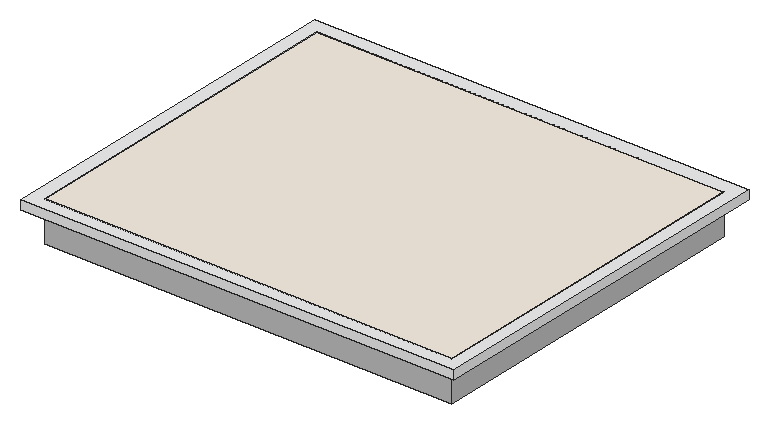
Revit family "Lighting-Industrial-GEWISS-ELIA-HL-LED_HIGHBAY", category Apparecchi per illuminazione, host Superficie, Revit 2019 (continued)
Types (12, lengths in mm): name | Weight (kg): | Weight (kg) | Voltage | Technical sheet | System power | Optic | built-in parameter 1150142 | Lumen output (lm) | Model | IDT | File diagramma fotometrico | Description
    \r\n609.03 569.08 531.25 495.72 461.89 429.42 398.39 368.73 \r\n340.25 313.14 287.05 261.20 236.47 213.52 191.84 171.45 \r\n152.32 134.63 118.17 102.77 88.40 74.87 62.33 50.81 40.41 \r\n31.11 23.21 17.09 12.44 9.16 7.02 5.71 5.34 \r\n4943.60 4943.60 4944.45 4944.45 4946.15 4947.00 4948.70 \r\n4950.40 4952.10 4953.80 4955.50 4958.90 4962.30 4964.85 \r\n4968.25 4972.50 4976.75 4981.00 4985.25 4990.35 4994.60 \r\n4999.70 5005.65 5010.75 5015.85 5020.95 5026.05 5031.15 \r\n5036.25 5041.35 5046.45 5052.40 5057.50 5063.45 5069.40 \r\n5075.35 5081.30 5087.25 5094.05 5099.15 5105.95 5112.75 \r\n5118.70 5125.50 5132.30 5138.25 5145.90 5152.70 5160.35 \r\n5167.15 5174.80 5182.45 5189.25 5196.05 5203.70 5210.50 \r\n5217.30 5223.25 5230.05 5235.15 5239.40 5244.50 5247.90 \r\n5251.30 5253.85 5254.70 5256.40 5256.40 5255.55 5254.70 \r\n5253.00 5250.45 5247.05 5242.80 5237.70 5230.90 5223.25 \r\n5213.90 5203.70 5191.80 5179.90 5165.45 5150.15 5134.00 \r\n5117.00 5099.15 5078.75 5057.50 5035.40 5010.75 4985.25 \r\n4957.20 4925.75 4893.45 4856.05 4812.70 4762.55 4708.15 \r\n4648.65 4583.20 4514.35 4443.80 4371.55 4296.75 4217.70 \r\n4132.70 4042.60 3947.40 3844.55 3736.60 3624.40 3511.35 \r\n3399.15 3288.65 3180.70 3073.60 2969.90 2870.45 2771.00 \r\n2672.40 2573.80 2477.75 2383.40 2292.45 2202.35 2114.80 \r\n2028.10 1943.10 1859.80 1778.20 1698.98 1621.29 1546.15 \r\n1472.71 1401.82 1335.01 1269.98 1204.88 1140.95 1079.59 \r\n1019.58 959.91 901.85 846.60 793.73 743.50 695.98 651.44 \r\n609.37 569.33 531.50 495.81 461.98 429.59 398.56 368.90 \r\n340.42 313.14 286.96 261.20 236.55 213.60 192.01 171.67 \r\n152.52 134.90 118.46 102.99 88.53 75.00 62.47 50.92 40.49 \r\n31.21 23.32 17.18 12.50 9.22 7.07 5.75 5.34 \r\n4943.60 4943.60 4944.45 4944.45 4946.15 4947.00 4947.85 \r\n4950.40 4952.10 4953.80 4956.35 4958.90 4962.30 4964.85 \r\n4969.10 4972.50 4976.75 4981.85 4986.10 4990.35 4996.30 \r\n5000.55 5005.65 5010.75 5015.85 5020.95 5026.05 5031.15 \r\n5036.25 5041.35 5047.30 5052.40 5058.35 5063.45 5069.40 \r\n5075.35 5081.30 5088.10 5094.05 5100.00 5105.95 5112.75 \r\n5119.55 5125.50 5132.30 5139.10 5146.75 5153.55 5161.20 \r\n5168.85 5176.50 5183.30 5190.95 5197.75 5204.55 5211.35 \r\n5218.15 5224.95 5230.90 5236.00 5241.10 5245.35 5248.75 \r\n5252.15 5254.70 5256.40 5256.40 5256.40 5256.40 5255.55 \r\n5253.85 5251.30 5247.90 5243.65 5238.55 5231.75 5224.10 \r\n5214.75 5203.70 5192.65 5179.90 5166.30 5151.00 5134.85 \r\n5117.85 5100.00 5079.60 5058.35 5036.25 5012.45 4986.95 \r\n4958.90 4927.45 4895.15 4856.90 4812.70 4763.40 4707.30 \r\n4647.80 4582.35 4513.50 4442.95 4370.70 4295.90 4217.70 \r\n4132.70 4042.60 3946.55 3844.55 3735.75 3623.55 3510.50 \r\n3397.45 3288.65 3180.70 3074.45 2969.90 2869.60 2771.00 \r\n2671.55 2573.80 2477.75 2384.25 2292.45 2203.20 2114.80 \r\n2028.10 1943.10 1859.80 1778.20 1698.56 1621.63 1546.66 \r\n1473.98 1403.69 1336.88 1271.69 1205.98 1141.55 1079.92 \r\n1019.75 959.99 901.93 846.68 793.99 743.75 696.24 651.70 \r\n609.62 569.50 531.59 495.89 461.98 429.67 398.82 368.98 \r\n340.51 313.14 286.88 261.20 236.64 213.77 192.19 171.79 \r\n152.70 135.13 118.73 103.19 88.63 75.11 62.61 51.03 40.57 \r\n31.31 23.44 17.27 12.57 9.28 7.12 5.78 5.35 \r\n4943.60 4943.60 4944.45 4945.30 4946.15 4946.15 4947.85 \r\n4949.55 4952.10 4953.80 4956.35 4958.90 4962.30 4964.85 \r\n4969.10 4973.35 4976.75 4981.85 4986.10 4991.20 4996.30 \r\n5001.40 5006.50 5011.60 5017.55 5022.65 5026.90 5032.00 \r\n5037.10 5043.05 5048.15 5053.25 5059.20 5063.45 5069.40 \r\n5075.35 5082.15 5088.10 5094.05 5100.85 5105.95 5112.75 \r\n5119.55 5126.35 5132.30 5139.10 5146.75 5155.25 5162.05 \r\n5169.70 5177.35 5185.00 5191.80 5199.45 5206.25 5213.05 \r\n5220.70 5226.65 5232.60 5236.85 5241.95 5247.05 5250.45 \r\n5253.85 5255.55 5256.40 5258.10 5258.10 5258.10 5256.40 \r\n5254.70 5253.00 5248.75 5243.65 5238.55 5232.60 5224.95 \r\n5214.75 5203.70 5192.65 5180.75 5166.30 5151.85 5134.85 \r\n5117.85 5100.85 5080.45 5059.20 5037.10 5013.30 4986.95 \r\n4959.75 4928.30 4896.00 4857.75 4812.70 4762.55 4708.15 \r\n4646.95 4581.50 4512.65 4441.25 4369.85 4295.05 4216.85 \r\n4132.70 4041.75 3946.55 3844.55 3734.90 3622.70 3509.65 \r\n3396.60 3286.95 3180.70 3074.45 2970.75 2869.60 2771.00 \r\n2672.40 2574.65 2477.75 2384.25 2292.45 2203.20 2114.80 \r\n2028.10 1943.10 1859.80 1779.05 1698.98 1621.88 1547.26 \r\n1475.26 1405.73 1338.75 1273.13 1206.83 1141.89 1080.10 \r\n1019.91 959.99 901.93 846.68 793.99 743.84 696.49 651.95 \r\n609.79 569.67 531.67 495.89 461.98 429.76 398.99 369.15 \r\n340.51 313.06 286.62 261.04 236.73 213.77 192.27 171.87 \r\n152.83 135.32 118.96 103.33 88.71 75.20 62.72 51.12 40.63 \r\n31.40 23.55 17.37 12.63 9.33 7.17 5.80 5.35 \r\n4943.60 4943.60 4944.45 4945.30 4946.15 4947.00 4947.85 \r\n4949.55 4952.10 4953.80 4956.35 4958.90 4962.30 4964.85 \r\n4969.10 4973.35 4976.75 4981.85 4986.95 4991.20 4996.30 \r\n5001.40 5006.50 5012.45 5017.55 5022.65 5027.75 5032.85 \r\n5037.95 5043.05 5048.15 5053.25 5059.20 5065.15 5069.40 \r\n5076.20 5082.15 5088.10 5094.05 5100.85 5106.80 5112.75 \r\n5119.55 5126.35 5133.15 5140.80 5147.60 5155.25 5162.90 \r\n5170.55 5177.35 5185.85 5193.50 5200.30 5207.10 5214.75 \r\n5221.55 5228.35 5233.45 5238.55 5242.80 5247.90 5251.30 \r\n5253.85 5255.55 5258.10 5258.10 5258.95 5258.10 5257.25 \r\n5255.55 5253.00 5249.60 5245.35 5239.40 5232.60 5224.10 \r\n5215.60 5204.55 5193.50 5181.60 5167.15 5151.00 5135.70 \r\n5118.70 5100.85 5081.30 5060.05 5037.95 5013.30 4987.80 \r\n4961.45 4930.00 4896.85 4858.60 4813.55 4763.40 4707.30 \r\n4646.10 4579.80 4510.95 4440.40 4369.00 4295.05 4216.85 \r\n4132.70 4041.75 3945.70 3843.70 3734.05 3621.85 3507.95 \r\n3396.60 3286.95 3180.70 3074.45 2970.75 2870.45 2771.00 \r\n2672.40 2574.65 2478.60 2384.25 2292.45 2202.35 2114.80 \r\n2028.95 1943.95 1860.65 1779.05 1699.06 1622.14 1547.77 \r\n1476.45 1407.43 1340.45 1274.40 1207.68 1142.14 1080.10 \r\n1019.91 959.91 901.68 846.51 793.90 743.84 696.41 651.87 \r\n609.88 569.67 531.67 495.81 461.89 429.76 399.08 369.24 \r\n340.51 312.88 286.45 260.95 236.64 213.77 192.27 171.96 \r\n152.91 135.47 119.15 103.45 88.74 75.26 62.81 51.19 40.68 \r\n31.48 23.67 17.46 12.69 9.38 7.20 5.83 5.36 \r\n4943.60 4943.60 4944.45 4945.30 4946.15 4947.00 4947.85 \r\n4949.55 4952.10 4953.80 4956.35 4958.90 4962.30 4965.70 \r\n4969.10 4973.35 4976.75 4981.85 4986.95 4992.05 4996.30 \r\n5001.40 5007.35 5012.45 5017.55 5022.65 5027.75 5032.85 \r\n5038.80 5043.05 5048.15 5054.10 5059.20 5065.15 5070.25 \r\n5076.20 5082.15 5088.10 5094.05 5100.85 5106.80 5112.75 \r\n5119.55 5126.35 5133.15 5140.80 5147.60 5156.10 5163.75 \r\n5171.40 5179.05 5186.70 5194.35 5202.00 5208.80 5216.45 \r\n5223.25 5229.20 5234.30 5239.40 5244.50 5248.75 5251.30 \r\n5254.70 5257.25 5258.10 5259.80 5259.80 5259.80 5258.10 \r\n5256.40 5254.70 5250.45 5245.35 5239.40 5233.45 5224.95 \r\n5215.60 5204.55 5193.50 5180.75 5167.15 5151.85 5135.70 \r\n5118.70 5100.85 5082.15 5060.90 5038.80 5015.00 4989.50 \r\n4961.45 4931.70 4898.55 4859.45 4814.40 4762.55 4706.45 \r\n4645.25 4578.95 4510.10 4440.40 4368.15 4294.20 4216.00 \r\n4131.85 4040.90 3944.85 3842.00 3734.05 3621.00 3507.95 \r\n3394.90 3286.95 3180.70 3075.30 2971.60 2870.45 2770.15 \r\n2672.40 2574.65 2478.60 2385.10 2292.45 2202.35 2114.80 \r\n2028.95 1943.95 1860.65 1779.05 1699.15 1622.22 1548.11 \r\n1477.47 1408.96 1341.89 1275.51 1208.11 1142.14 1080.01 \r\n1019.66 959.48 901.25 846.17 793.73 743.66 696.24 651.78 \r\n609.79 569.67 531.59 495.63 461.63 429.67 399.08 369.24 \r\n340.42 312.71 286.19 260.78 236.55 213.77 192.27 171.87 \r\n152.94 135.57 119.28 103.52 88.75 75.28 62.87 51.24 40.71 \r\n31.54 23.77 17.55 12.75 9.42 7.24 5.84 5.36 \r\n4943.60 4943.60 4944.45 4945.30 4946.15 4947.00 4947.85 \r\n4949.55 4951.25 4953.80 4956.35 4958.90 4962.30 4965.70 \r\n4969.95 4973.35 4977.60 4981.85 4986.95 4992.05 4997.15 \r\n5003.10 5008.20 5013.30 5018.40 5024.35 5028.60 5033.70 \r\n5038.80 5043.90 5049.00 5054.95 5059.20 5065.15 5070.25 \r\n5076.20 5082.15 5088.10 5094.05 5100.85 5107.65 5112.75 \r\n5120.40 5126.35 5133.15 5141.65 5148.45 5156.10 5163.75 \r\n5172.25 5179.90 5187.55 5195.20 5202.85 5209.65 5217.30 \r\n5224.10 5230.05 5236.00 5240.25 5245.35 5248.75 5253.00 \r\n5255.55 5257.25 5259.80 5260.65 5260.65 5260.65 5258.95 \r\n5257.25 5254.70 5250.45 5246.20 5240.25 5233.45 5224.95 \r\n5215.60 5205.40 5193.50 5180.75 5166.30 5151.85 5136.55 \r\n5119.55 5100.85 5082.15 5061.75 5038.80 5015.85 4990.35 \r\n4963.15 4932.55 4899.40 4860.30 4815.25 4763.40 4705.60 \r\n4644.40 4578.10 4509.25 4439.55 4368.15 4294.20 4216.85 \r\n4131.00 4040.90 3944.00 3842.00 3732.35 3620.15 3507.10 \r\n3394.90 3286.95 3180.70 3075.30 2972.45 2870.45 2771.00 \r\n2672.40 2574.65 2479.45 2385.10 2292.45 2202.35 2113.95 \r\n2028.95 1943.95 1860.65 1779.90 1699.32 1622.39 1548.53 \r\n1478.32 1410.23 1342.91 1276.19 1208.36 1142.06 1079.59 \r\n1019.15 958.97 900.75 845.75 793.30 743.33 695.98 651.53 \r\n609.53 569.41 531.42 495.38 461.38 429.50 399.08 369.15 \r\n340.25 312.46 285.86 260.52 236.38 213.69 192.19 171.87 \r\n152.91 135.60 119.35 103.55 88.71 75.28 62.91 51.26 40.73 \r\n31.60 23.88 17.63 12.80 9.46 7.26 5.86 5.36 \r\n4943.60 4943.60 4944.45 4945.30 4946.15 4947.00 4947.85 \r\n4949.55 4951.25 4953.80 4956.35 4958.90 4962.30 4965.70 \r\n4969.95 4973.35 4978.45 4982.70 4987.80 4992.90 4998.00 \r\n5003.10 5008.20 5013.30 5019.25 5024.35 5029.45 5034.55 \r\n5039.65 5044.75 5049.85 5054.95 5060.05 5065.15 5070.25 \r\n5076.20 5082.15 5088.10 5094.90 5100.85 5107.65 5113.60 \r\n5120.40 5127.20 5134.85 5141.65 5148.45 5156.95 5164.60 \r\n5173.10 5181.60 5189.25 5196.05 5204.55 5211.35 5219.00 \r\n5224.95 5231.75 5236.85 5241.95 5246.20 5250.45 5253.85 \r\n5256.40 5258.10 5259.80 5260.65 5261.50 5260.65 5259.80 \r\n5258.10 5254.70 5252.15 5246.20 5240.25 5233.45 5225.80 \r\n5215.60 5205.40 5193.50 5181.60 5167.15 5151.85 5136.55 \r\n5119.55 5101.70 5083.00 5061.75 5039.65 5016.70 4990.35 \r\n4964.00 4935.10 4900.25 4861.15 4815.25 4764.25 4706.45 \r\n4643.55 4577.25 4508.40 4438.70 4366.45 4293.35 4216.00 \r\n4131.00 4040.05 3943.15 3841.15 3732.35 3620.15 3506.25 \r\n3393.20 3285.25 3180.70 3075.30 2971.60 2870.45 2771.00 \r\n2672.40 2575.50 2479.45 2385.95 2292.45 2202.35 2113.95 \r\n2028.10 1943.95 1860.65 1779.90 1699.15 1622.65 1548.79 \r\n1478.91 1411.17 1343.68 1276.62 1208.36 1141.55 1078.99 \r\n1018.55 958.29 899.98 845.07 792.71 742.73 695.55 651.18 \r\n609.20 568.99 531.00 495.04 461.04 429.25 398.90 368.98 \r\n340.08 312.12 285.52 260.27 236.22 213.52 192.10 171.78 \r\n152.83 135.56 119.36 103.50 88.62 75.23 62.91 51.26 40.73 \r\n31.65 23.95 17.70 12.85 9.49 7.28 5.86 5.36 \r\n4943.60 4943.60 4944.45 4945.30 4945.30 4947.00 4947.85 \r\n4949.55 4951.25 4953.80 4956.35 4959.75 4962.30 4966.55 \r\n4969.95 4973.35 4978.45 4982.70 4987.80 4992.90 4998.00 \r\n5003.10 5008.20 5014.15 5019.25 5024.35 5029.45 5034.55 \r\n5039.65 5044.75 5049.85 5054.95 5060.05 5066.00 5070.25 \r\n5076.20 5082.15 5088.10 5094.05 5100.00 5106.80 5113.60 \r\n5120.40 5127.20 5134.00 5141.65 5149.30 5157.80 5165.45 \r\n5173.95 5181.60 5189.25 5197.75 5204.55 5212.20 5219.00 \r\n5225.80 5231.75 5237.70 5241.95 5247.05 5250.45 5253.85 \r\n5256.40 5258.95 5259.80 5261.50 5262.35 5260.65 5259.80 \r\n5258.10 5254.70 5251.30 5246.20 5240.25 5233.45 5224.95 \r\n5215.60 5205.40 5193.50 5180.75 5167.15 5151.00 5135.70 \r\n5119.55 5101.70 5083.00 5061.75 5039.65 5016.70 4991.20 \r\n4964.85 4935.95 4901.10 4862.00 4816.10 4765.10 4707.30 \r\n4644.40 4577.25 4508.40 4437.85 4366.45 4292.50 4215.15 \r\n4130.15 4039.20 3942.30 3840.30 3731.50 3620.15 3507.10 \r\n3394.05 3286.10 3180.70 3076.15 2973.30 2871.30 2771.85 \r\n2672.40 2575.50 2481.15 2386.80 2294.15 2203.20 2115.65 \r\n2028.95 1944.80 1862.35 1779.90 1700.34 1623.24 1548.87 \r\n1478.23 1409.72 1341.81 1274.57 1206.32 1139.60 1077.03 \r\n1016.60 956.42 898.11 843.12 790.84 741.03 693.94 649.66 \r\n607.75 567.80 529.80 493.94 460.02 428.40 398.06 368.22 \r\n339.40 311.61 285.00 259.68 235.53 213.01 191.76 171.45 \r\n152.34 135.06 118.88 103.09 88.28 74.95 62.70 51.10 40.62 \r\n31.59 23.95 17.73 12.89 9.50 7.26 5.84 5.35 \r\n4943.60 4943.60 4944.45 4945.30 4945.30 4947.00 4947.85 \r\n4949.55 4951.25 4953.80 4956.35 4959.75 4962.30 4966.55 \r\n4969.95 4973.35 4978.45 4983.55 4987.80 4992.90 4998.00 \r\n5003.95 5009.90 5015.00 5020.10 5024.35 5029.45 5035.40 \r\n5040.50 5044.75 5049.85 5054.95 5060.05 5066.00 5070.25 \r\n5076.20 5081.30 5088.10 5094.05 5100.00 5106.80 5113.60 \r\n5120.40 5127.20 5134.00 5141.65 5149.30 5157.80 5165.45 \r\n5174.80 5182.45 5190.95 5197.75 5206.25 5213.05 5220.70 \r\n5227.50 5233.45 5238.55 5243.65 5247.05 5251.30 5254.70 \r\n5257.25 5258.95 5261.50 5261.50 5262.35 5261.50 5259.80 \r\n5258.10 5254.70 5251.30 5246.20 5239.40 5231.75 5224.95 \r\n5214.75 5203.70 5192.65 5180.75 5166.30 5151.00 5135.70 \r\n5118.70 5100.85 5082.15 5061.75 5039.65 5016.70 4992.90 \r\n4966.55 4935.95 4901.95 4862.85 4816.95 4765.95 4708.15 \r\n4645.25 4577.25 4506.70 4437.00 4365.60 4292.50 4214.30 \r\n4128.45 4037.50 3940.60 3838.60 3731.50 3621.00 3507.95 \r\n3394.90 3286.95 3180.70 3076.15 2974.15 2872.15 2772.70 \r\n2674.10 2576.35 2481.15 2386.80 2294.15 2204.05 2115.65 \r\n2029.80 1944.80 1862.35 1780.75 1700.85 1623.76 1548.79 \r\n1477.30 1407.86 1339.60 1272.11 1203.94 1137.38 1074.91 \r\n1014.47 954.29 896.16 841.08 788.72 739.16 692.24 648.04 \r\n606.22 566.27 528.45 492.75 459.00 427.30 397.12 367.37 \r\n338.64 310.93 284.41 259.00 234.94 212.59 191.42 171.02 \r\n151.80 134.50 118.35 102.62 87.89 74.65 62.47 50.93 40.49 \r\n31.54 23.94 17.75 12.92 9.51 7.24 5.82 5.35 \r\n4943.60 4943.60 4943.60 4945.30 4945.30 4947.00 4947.85 \r\n4949.55 4951.25 4953.80 4956.35 4959.75 4963.15 4966.55 \r\n4969.95 4974.20 4978.45 4983.55 4988.65 4993.75 4998.85 \r\n5004.80 5009.90 5015.00 5020.10 5025.20 5031.15 5036.25 \r\n5041.35 5045.60 5049.85 5054.95 5060.90 5066.00 5071.10 \r\n5077.05 5082.15 5088.10 5094.05 5100.85 5106.80 5113.60 \r\n5119.55 5127.20 5134.00 5142.50 5149.30 5157.80 5166.30 \r\n5174.80 5183.30 5190.95 5199.45 5206.25 5213.90 5220.70 \r\n5227.50 5233.45 5238.55 5243.65 5247.90 5252.15 5254.70 \r\n5257.25 5259.80 5261.50 5262.35 5262.35 5261.50 5259.80 \r\n5258.10 5254.70 5250.45 5245.35 5239.40 5231.75 5223.25 \r\n5214.75 5203.70 5192.65 5179.05 5166.30 5151.00 5134.85 \r\n5117.85 5100.85 5081.30 5060.90 5039.65 5017.55 4992.90 \r\n4966.55 4936.80 4902.80 4863.70 4817.80 4766.80 4709.85 \r\n4646.10 4578.10 4507.55 4437.00 4365.60 4291.65 4214.30 \r\n4128.45 4036.65 3938.90 3837.75 3730.65 3621.85 3508.80 \r\n3395.75 3287.80 3181.55 3077.00 2973.30 2872.15 2772.70 \r\n2674.10 2577.20 2482.00 2388.50 2295.85 2204.90 2116.50 \r\n2030.65 1944.80 1862.35 1780.75 1702.55 1624.35 1548.79 \r\n1476.19 1405.73 1337.13 1269.56 1201.47 1135.09 1072.62 \r\n1012.26 952.25 894.03 839.03 786.67 737.21 690.46 646.34 \r\n604.61 564.83 527.17 491.56 457.89 426.27 396.10 366.44 \r\n337.88 310.33 283.90 258.40 234.26 212.07 191.08 170.51 \r\n151.23 133.92 117.78 102.13 87.49 74.32 62.22 50.74 40.37 \r\n31.47 23.92 17.77 12.95 9.52 7.22 5.79 5.34 \r\n4943.60 4943.60 4943.60 4945.30 4945.30 4947.00 4947.85 \r\n4949.55 4951.25 4953.80 4956.35 4959.75 4962.30 4966.55 \r\n4969.95 4974.20 4978.45 4983.55 4988.65 4993.75 4998.85 \r\n5004.80 5009.90 5015.00 5020.10 5026.05 5031.15 5036.25 \r\n5041.35 5046.45 5050.70 5055.80 5060.90 5066.00 5071.10 \r\n5077.05 5082.15 5088.10 5094.05 5100.85 5105.95 5112.75 \r\n5119.55 5126.35 5134.85 5141.65 5150.15 5158.65 5166.30 \r\n5174.80 5184.15 5192.65 5199.45 5207.95 5214.75 5221.55 \r\n5228.35 5234.30 5239.40 5244.50 5248.75 5253.00 5255.55 \r\n5258.10 5259.80 5261.50 5262.35 5262.35 5261.50 5259.80 \r\n5258.10 5254.70 5250.45 5245.35 5237.70 5230.90 5223.25 \r\n5213.05 5202.85 5190.95 5179.05 5164.60 5150.15 5134.85 \r\n5117.85 5100.00 5081.30 5060.90 5039.65 5017.55 4992.90 \r\n4967.40 4938.50 4903.65 4864.55 4818.65 4767.65 4709.85 \r\n4646.95 4578.95 4507.55 4437.00 4364.75 4291.65 4212.60 \r\n4126.75 4034.10 3938.05 3836.90 3730.65 3622.70 3509.65 \r\n3397.45 3288.65 3181.55 3077.00 2974.15 2873.00 2773.55 \r\n2674.95 2577.20 2482.00 2389.35 2296.70 2205.75 2117.35 \r\n2030.65 1945.65 1862.35 1781.60 1702.55 1624.86 1548.62 \r\n1475.01 1403.61 1334.59 1266.84 1198.93 1132.80 1070.40 \r\n1010.05 950.13 891.99 836.83 784.55 735.25 688.67 644.55 \r\n602.91 563.29 525.73 490.28 456.79 425.25 395.08 365.58 \r\n337.02 309.74 283.39 257.81 233.58 211.56 190.66 170.10 \r\n150.65 133.31 117.21 101.63 87.
